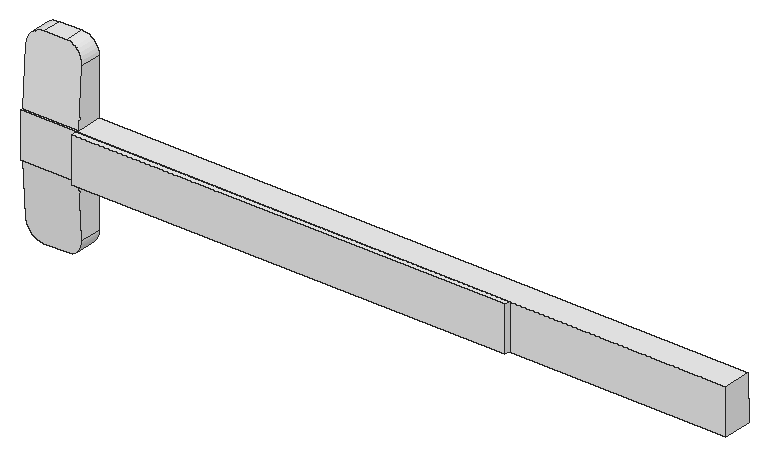
Revit family "M_Barra de pânico", category Portas, Revit 2019
Family settings
  Com base no plano de trabalho = Não
  Sempre na vertical = Sim
  Corte com vazios quando carregada = Não
  Compartilhado = Não
  Ponto de cálculo do ambiente = Não
Parameters (values of type "Padrão")
  Width = 0 mm
  Espessura = 0 mm
  Material = Metal - Aço inoxidável
  Largura do painel da porta = 900 mm
  Comprimento total = Largura do painel da porta - 100 mm  # 800 mm
  Height = 0 mm
  Construção analítica = "<Nenhum>"
Reference planes
  plane 1 "Centro (Frente/Trás)": y = 0
  plane 2: z = 0
  plane 3 "Centro (Esquerda/Direita)": x = 0
  plane 4: x = 736.5
  plane 5: x = -63.5
  plane 6: z = 107.95
  plane 7: z = 25.4
  plane 8: z = -25.4
  plane 9: x = 491
  plane 10: y = -31.75
  plane 11: y = -28.575
  plane 12: z = -107.95
  plane 13: y = -38.1
  plane 14: x = 245.5
  plane 15: x = -31.75
Forms (mm)
  Extrusion 1, solid, material "Metal - Aço inoxidável" <- "Material"
    sketch origin (0, 0, 0) x (1, 0, 0) y (0, 0, 1)
      loop
        line (-44.45, -107.95) -> (-19.05, -107.95)
        arc (-19.05, -107.95) -> (-5.58, -102.37) -> (0, -88.9) r 19.05
        line (0, -88.9) -> (0, 88.9)
        arc (0, 88.9) -> (-5.58, 102.37) -> (-19.05, 107.95) r 19.05
        line (-19.05, 107.95) -> (-44.45, 107.95)
        arc (-44.45, 107.95) -> (-57.92, 102.37) -> (-63.5, 88.9) r 19.05
        line (-63.5, 88.9) -> (-63.5, -88.9)
        arc (-63.5, -88.9) -> (-57.92, -102.37) -> (-44.45, -107.95) r 19.05
    from 0 to 28.575
  Extrusion 2, solid, material "Metal - Aço inoxidável" <- "Material"
    sketch origin (0, 0, 0) x (1, 0, 0) y (0, 0, 1)
      loop
        line (-63.5, 25.4) -> (-63.5, -25.4) -> (736.5, -25.4) -> (736.5, 25.4) -> (-63.5, 25.4)
    from 0 to 31.75
  Extrusion 3, solid, material "Metal - Aço inoxidável" <- "Material"
    sketch origin (0, 0, 0) x (1, 0, 0) y (0, 0, 1)
      loop
        line (0, 25.4) -> (0, -25.4) -> (491, -25.4) -> (491, 25.4) -> (0, 25.4)
    from 31.75 to 38.1
  Extrusion 4, void
    sketch origin (0, 0, 0) x (0, 1, 0) y (0, 0, 1)
      loop
        line (-38.1, 107.95) -> (-38.1, 25.4) -> (-28.575, 25.4) -> (-22.062, 107.95) -> (-38.1, 107.95)
      loop
        line (-38.1, -107.95) -> (-22.062, -107.95) -> (-28.575, -25.4) -> (-38.1, -25.4) -> (-38.1, -107.95)
    from -63.5 to 0
Cuts and joins
  Extrusion 4 cuts Extrusion 1
  Extrusion 4 cuts Extrusion 2
  joined: Extrusion 1, Extrusion 2
  Extrusion 4 cuts Extrusion 3
Dimensions and locks
  equal spacing: plane 6, plane 2, plane 12
  locked: plane 6 to plane 12 at 215.9
  plane 1 "Centro (Frente/Trás)" to plane 10 = 31.75 mm
  "Comprimento total": plane 5 to plane 4
  plane 7 to plane 8 = 50.8 mm
  equal spacing: plane 7, level, plane 8
  plane 11 to plane 1 "Centro (Frente/Trás)" = 28.575 mm
  locked: plane 13 to plane 10 at 6.35
  equal spacing: plane 4, plane 9, plane 14, plane 3 "Centro (Esquerda/Direita)"
  locked: plane 3 "Centro (Esquerda/Direita)" to plane 5 at 63.5
  equal spacing: plane 3 "Centro (Esquerda/Direita)", plane 15, plane 5
  radius of Extrusion 1 sketch curve = 19.05 mm  (x4)
  aligned and locked: plane 2 to level
  aligned and locked: plane 4 to cut or joined group of Extrusion 1, Extrusion 2, Extrusion 4
  aligned and locked: plane 13 to Extrusion 3
  aligned and locked: Extrusion 1 to plane 1 "Centro (Frente/Trás)"
  aligned and locked: Extrusion 2 to plane 1 "Centro (Frente/Trás)"
  aligned and locked: cut or joined group of Extrusion 1, Extrusion 2, Extrusion 4 to plane 11
  aligned and locked: Extrusion 3 to plane 10
  aligned and locked: plane 10 to cut or joined group of Extrusion 1, Extrusion 2, Extrusion 4
  aligned and locked: plane 5 to Extrusion 2 sketch curve
  aligned and locked: Extrusion 4 to Extrusion 3
  aligned and locked: Extrusion 4 to plane 5
  aligned and locked: cut or joined group of Extrusion 3, Extrusion 4 to plane 3 "Centro (Esquerda/Direita)"
Automatic sketch dimensions
  Extrusion 3 sketch curve to plane 8 = 0 mm
  Extrusion 3 sketch curve to plane 7 = 0 mm
  Extrusion 3 sketch curve to plane 9 = 0 mm
  Extrusion 1 sketch curve to plane 5 = 0 mm
  Extrusion 1 sketch curve to plane 6 = 0 mm
  Extrusion 1 sketch curve to plane 12 = 0 mm
  Extrusion 1 sketch curve to plane 3 "Centro (Esquerda/Direita)" = 19.05 mm
  Extrusion 2 sketch curve to plane 4 = 0 mm
  Extrusion 2 sketch curve to plane 8 = 0 mm
  Extrusion 2 sketch curve to plane 7 = 0 mm
  Extrusion 4 sketch curve to plane 6 = 0 mm
  Extrusion 4 sketch curve to plane 13 = 0 mm  (x2)
  plane 8 to Extrusion 4 sketch curve = 0 mm
  Extrusion 4 sketch curve to plane 7 = 0 mm
  Extrusion 4 sketch curve to plane 11 = 0 mm  (x2)
  plane 12 to Extrusion 4 sketch curve = 0 mm
  Extrusion 4 sketch curve to plane 11 = 6.513 mm  (x2)
  plane 3 "Centro (Esquerda/Direita)" to Extrusion 3 sketch curve = 0 mm
